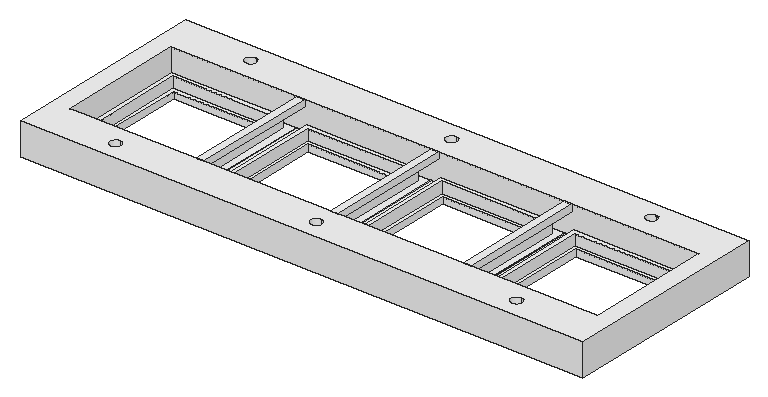
Revit family "Gira_021465", category Electrical Fixtures, host Face, Revit 2017
Family settings
  Host = Face
  Maintain Annotation Orientation = No
  Round Connector Dimension = Use Diameter
  Part Type = Normal
  Cut with Voids When Loaded = No
  Shared = No
  Room Calculation Point = No
Parameters (values of type "Cov.fr. 4-g Gira TX_44 (WP FM) c.alum.")
  With mounting grid = "No"
  With hinged lid = "No"
  URL = "http://katalog.gira.de/en/datenblatt.html?artikelnr=021465"
  Type of fastening = "Clamp mounting"
  Transparent = "No"
  Surface protection = "Lacquered"
  Suitable for wall duct = "No"
  Suitable for flush-mounted installation = "Yes"
  Suitable for floor box = "No"
  Suitable for built-in installation = "No"
  Number of units vertical = "4"
  Number of units horizontal = "4"
  Number of units = "4"
  Name = "Cov.fr. 4-g Gira TX_44 (WP FM) c.alum."
  Mounting direction = "Horizontal and vertical"
  Material quality = "Thermoplastic"
  Material = "Plastic"
  Manufacturer URL = "https://www.gira.de/"
  Manufacturer = "Gira"
  Label space/information surface = "No"
  Keynote = ""
  HeinzeBIM = "https://bimportal.heinze.de/bim/cov-fr-4-g-gira-tx-44-wp-fm-c-alum-/3bdfb5f32ee19000e1d2c692ed360d99cbe2bf3d"
  Halogen free = "No"
  HAN = "021465"
  GTIN = "4010337214656"
  Description = "Cov.fr.4g TX_44 CAl,Gira TX_44 cover frame,colour aluminium,4-gang,Features:,- Shatter-proof.,,Notes :,- Frames are easy to install without tools; disassembly requires a Torx screwdriver T9 or T10.,- Wall plug mounting is possible.,- Centre inserts safeguarded against disassembly."
  Degree of protection (IP) = "IP44"
  Default Elevation = 1219.2 mm
  Data sheet (1) = "https://katalog.gira.de/en/download.html?artikelnr=021465"
  Colour = "Aluminium"
  Category = "Cover frame for domestic switching devices"
  BIM (1) = "https://media.stage.bim.site/public/gira/36a6b08/TX44_Rahmen_4fach.rfa"
  Available = "No"
Reference planes
  plane 1 "Center (Front/Back)": y = 0
  plane 2: z = 0
  plane 3 "Center (Left/Right)": x = 0
  plane 4: x = -69.25
  plane 5: x = -73.25
  plane 6: x = 150
Forms (mm)
  Extrusion 1, solid, material "White", detail levels fine
    sketch origin (-107.091, 0, 0) x (0, -1, 0) y (1, 0, 0)
      loop
        line (-54.959, 257.091) -> (-54.959, -42.909) -> (54.959, -42.909) -> (54.959, 257.091) -> (-54.959, 257.091)
      loop
        line (-33.5, -33.5) -> (33.5, -33.5) -> (33.5, 247.683) -> (-33.5, 247.683) -> (-33.5, -33.5)
      loop
        circle (-45, -0.006) r 3
      loop
        circle (44.992, 0.001) r 3
      loop
        circle (-45, 213.594) r 3
      loop
        circle (44.992, 213.601) r 3
      loop
        circle (-45, 106.944) r 3
      loop
        circle (44.992, 106.951) r 3
    from 0 to 16.9
  Extrusion 2, solid, material "White", detail levels fine
    sketch origin (-107.091, 0, 0) x (0, -1, 0) y (1, 0, 0)
      loop
        line (-25.5, 25.5) -> (-25.5, -25.5) -> (25.5, -25.5) -> (25.5, 25.5) -> (-25.5, 25.5)
      loop
        line (-33.5, 33.5) -> (-33.5, -33.5) -> (33.5, -33.5) -> (33.5, 33.5) -> (-33.5, 33.5)
    from -1.6 to 2
  Extrusion 3, solid, material "White", detail levels fine
    sketch origin (-107.091, 0, 0) x (0, -1, 0) y (1, 0, 0)
      loop
        line (-27.5, 27.5) -> (-27.5, -27.5) -> (27.5, -27.5) -> (27.5, 27.5) -> (-27.5, 27.5)
      loop
        line (-29.5, 29.5) -> (-29.5, -29.5) -> (29.5, -29.5) -> (29.5, 29.5) -> (-29.5, 29.5)
    from 2 to 7.8
  Extrusion 4, solid, material "White", detail levels coarse+medium
    sketch origin (-107.091, 0, 0) x (0, -1, 0) y (1, 0, 0)
      loop
        line (-54.959, 257.091) -> (-54.959, -42.909) -> (54.959, -42.909) -> (54.959, 257.091) -> (-54.959, 257.091)
    from -1.6 to 16.9
  Extrusion 5, solid, material "White", detail levels fine
    sketch origin (-35.409, 0, 0) x (0, -1, 0) y (1, 0, 0)
      loop
        line (-25.5, 25.5) -> (-25.5, -25.5) -> (25.5, -25.5) -> (25.5, 25.5) -> (-25.5, 25.5)
      loop
        line (-33.5, 33.5) -> (-33.5, -33.5) -> (33.5, -33.5) -> (33.5, 33.5) -> (-33.5, 33.5)
    from -1.6 to 2
  Extrusion 6, solid, material "White", detail levels fine
    sketch origin (-35.409, 0, 0) x (0, -1, 0) y (1, 0, 0)
      loop
        line (-27.5, 27.5) -> (-27.5, -27.5) -> (27.5, -27.5) -> (27.5, 27.5) -> (-27.5, 27.5)
      loop
        line (-29.5, 29.5) -> (-29.5, -29.5) -> (29.5, -29.5) -> (29.5, 29.5) -> (-29.5, 29.5)
    from 2 to 7.8
  Extrusion 7, solid, material "White", detail levels fine
    sketch origin (-107.091, 0, 0) x (0, -1, 0) y (1, 0, 0)
      loop
        line (-33.5, 38.183) -> (-33.5, 33.5) -> (33.5, 33.5) -> (33.5, 38.183) -> (-33.5, 38.183)
    from 0 to 2
  Extrusion 8, solid, material "White", detail levels fine
    sketch origin (-107.091, 0, 0) x (0, -1, 0) y (1, 0, 0)
      loop
        line (-33.5, 37.841) -> (-33.5, 33.841) -> (33.5, 33.841) -> (33.5, 37.841) -> (-33.5, 37.841)
    from 13.4 to 16.9
  Extrusion 9, solid, material "White", detail levels fine
    sketch origin (36.091, 0, 0) x (0, -1, 0) y (1, 0, 0)
      loop
        line (-25.5, 25.5) -> (-25.5, -25.5) -> (25.5, -25.5) -> (25.5, 25.5) -> (-25.5, 25.5)
      loop
        line (-33.5, 33.5) -> (-33.5, -33.5) -> (33.5, -33.5) -> (33.5, 33.5) -> (-33.5, 33.5)
    from -1.6 to 2
  Extrusion 10, solid, material "White", detail levels fine
    sketch origin (36.091, 0, 0) x (0, -1, 0) y (1, 0, 0)
      loop
        line (-27.5, 27.5) -> (-27.5, -27.5) -> (27.5, -27.5) -> (27.5, 27.5) -> (-27.5, 27.5)
      loop
        line (-29.5, 29.5) -> (-29.5, -29.5) -> (29.5, -29.5) -> (29.5, 29.5) -> (-29.5, 29.5)
    from 2 to 7.8
  Extrusion 11, solid, material "White", detail levels fine
    sketch origin (-35.591, 0, 0) x (0, -1, 0) y (1, 0, 0)
      loop
        line (-33.5, 38.183) -> (-33.5, 33.683) -> (33.5, 33.683) -> (33.5, 38.183) -> (-33.5, 38.183)
    from 0 to 2
  Extrusion 12, solid, material "White", detail levels fine
    sketch origin (-35.591, 0, 0) x (0, -1, 0) y (1, 0, 0)
      loop
        line (-33.5, 37.841) -> (-33.5, 33.841) -> (33.5, 33.841) -> (33.5, 37.841) -> (-33.5, 37.841)
    from 13.4 to 16.9
  Extrusion 13, solid, material "White", detail levels fine
    sketch origin (107.091, 0, 0) x (0, -1, 0) y (1, 0, 0)
      loop
        line (-25.5, 25.5) -> (-25.5, -25.5) -> (25.5, -25.5) -> (25.5, 25.5) -> (-25.5, 25.5)
      loop
        line (-33.5, 33.5) -> (-33.5, -33.5) -> (33.5, -33.5) -> (33.5, 33.5) -> (-33.5, 33.5)
    from -1.6 to 2
  Extrusion 14, solid, material "White", detail levels fine
    sketch origin (107.091, 0, 0) x (0, -1, 0) y (1, 0, 0)
      loop
        line (-27.5, 27.5) -> (-27.5, -27.5) -> (27.5, -27.5) -> (27.5, 27.5) -> (-27.5, 27.5)
      loop
        line (-29.5, 29.5) -> (-29.5, -29.5) -> (29.5, -29.5) -> (29.5, 29.5) -> (-29.5, 29.5)
    from 2 to 7.8
  Extrusion 15, solid, material "White", detail levels fine
    sketch origin (35.409, 0, 0) x (0, -1, 0) y (1, 0, 0)
      loop
        line (-33.5, 38.183) -> (-33.5, 33.841) -> (33.5, 33.841) -> (33.5, 38.183) -> (-33.5, 38.183)
    from 0 to 2
  Extrusion 16, solid, material "White", detail levels fine
    sketch origin (35.409, 0, 0) x (0, -1, 0) y (1, 0, 0)
      loop
        line (-33.5, 37.841) -> (-33.5, 33.841) -> (33.5, 33.841) -> (33.5, 37.841) -> (-33.5, 37.841)
    from 13.4 to 16.9
Dimensions and locks
  aligned and locked: plane 2 to host face
  aligned and locked: level to host face
